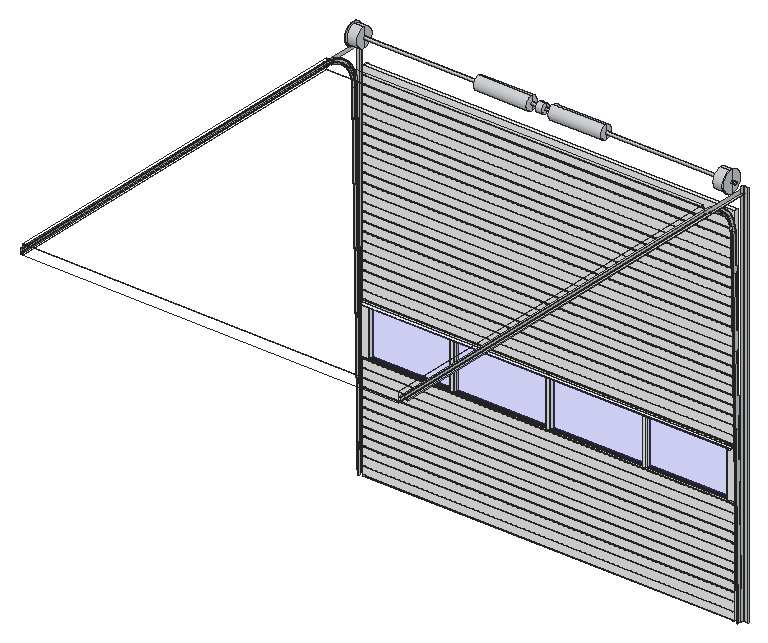
Revit family
Parameters (values of type "By Type")
  Windload = "Doors available rated for various design pressures; consult Clopay for avaialbility and specifications"
  VisSection6 = NumSections = 6  # no
  VisSection5 = NumSections > 4  # yes
  VisSection4 = NumSections > 3  # yes
  VisSection3 = NumSections > 2  # yes
  VisArray = NumSections > 6  # yes
  URL = "www.clopaydoor.com"
  Track Type = Track - Standard Lift : 15" Radius
  Track = "Galvanized steel (gauge varies according to door size)"
  Thickness = 0' - 2"  # constant formula
  Spec Wizard = "http://www.arcat.com/specwizard/08360clo/index.htm"
  Section Height = Height / NumSections  # 2' - 0"
  Section 5 Glazing = Section : Solid
  Section 4 Glazing = Section : Solid
  Section 3 Glazing = Full Vision Section : Intermediate
  Sales Information = "http://www.clopaydoor.com/where-to-buy.aspx?type=dealer"
  Rough Width = 0' - 0"  # constant formula
  Rough Height = 0' - 0"  # constant formula
  Roof Pitch = 0
  R-Value = "15.05"
  Product Features and Benefits = "http://www.clopaydoor.com/insulated-polyurethane-applications.aspx"
  Overlapping Jamb = yes
  Overlap = if(Overlapping Jamb, 0' 1", 0' 0")  # 0' - 1"
  Opening Width = 14' - 0"
  Opening Height = 14' - 0"
  Opener - Jackshaft Right Side = no
  Opener - Trolley = no
  Opener - Jackshaft Left Side = no
  Omniclass Table = "23-30 10 17 37 "
  NumSectionsNotRounded = Height / 2' 0"  # 7
  NumSections = NumSectionsNotRounded + 0.4999  # 7
  NumArraySections = if(NumSections > 6, NumSections - 5, 2)  # 2
  Model = "3717"
  Maximum Size = "Maximum 32' 2'' wide by 26' 0'' high. Additional limitations may apply do to door weight. Consult Clopay for specificiations and shop drawings."  # constant formula
  Manufacturer Website = "http://www.clopaydoor.com"
  Manufacturer Phone Number = "1-800-526-4301"
  Manufacturer Address = "1400 W. Market St., Troy, OH 45373"
  Manufacturer = "Clopay Building Products Company"
  LEED = "http://products.construction.com/swts_content_files/151607/303186.pdf"
  Keynote = "08 36 13"
  Interior Steel = "28 ga. galvanized, primed, and finish painted"
  High Lift = 4' - 0"
  Hardware = "14 ga. min. steel hinges; 10-ball steel rollers"
  GreenFormat = "http://www.greenformat.com/products/1536-Polyurethane%20Insulated%20Doors.rtf"
  Function = (empty or 0)
  Height = Opening Height + Rough Width * 0  # 14' - 0"
  Wall Closure = (empty or 0)
  Width = Opening Width + Rough Width * 0  # 14' - 0"
  FloorToSection7 = 6 * Section Height  # 12' - 0"
  FloorToSection6 = 5 * Section Height  # 10' - 0"
  FloorToSection5 = 4 * Section Height  # 8' - 0"
  FloorToSection4 = 3 * Section Height  # 6' - 0"
  FloorToSection3 = 2 * Section Height  # 4' - 0"
  FloorToSection2 = Section Height  # 2' - 0"
  File Revision = "02 (August, 2012)"
  Exterior Steel = "27 ga. galvanized, primed, and finish painted"
  Double Torsion Shaft = no
  Double End Stiles = Door Width > 14' 2"  # no
  Door Width = Opening Width + Overlap * 2  # 14' - 2"
  Door Height = Opening Height + Rough Width * 0  # 14' - 0"
  Description = "1-3/4'' thick polyurethane insulated, stucco embossed 27 gauge steel exterior with light ribbed pattern."
  Core Material = "Expanded polyurethane"
  Copyright = "2010, Clopay Building Products Company, Inc."
  Color = White
  CAD and Specifications = "http://www.clopaydoor.com/insulated-polyurethane-specs.aspx"
  Assembly Code = "B2030410"
Reference planes (in)
  plane 1 "Center (Front/Back)": y = 0
  plane 2 "Center (Left/Right)": x = 0
  plane 3 "Left": x = -84
  plane 4 "Right": x = 84
  plane 5 "Top": z = 168
  plane 6 "Exterior": y = 3
  plane 7 "Interior": y = -3
  plane 8: z = 120
  plane 9: z = 144
Lines and regions (in)
  Opening 1
    outline origin (-90, -3, 0) x (1, 0, 0) y (0, 0, 1)
      loop
        line (6, 0) -> (174, 0) -> (174, 168) -> (6, 168) -> (6, 0)
Text (in)
  text "Exterior" at (-74.96733, 27.31104, 0), in view "Ref. Level"
  text "Interior" at (-74.96733, -25.14366, 0), in view "Ref. Level"
  text "Exterior" at (0, 40.15149, 123.01588), in view "Right"
  text "Interior" at (0, -64.39139, 123.01588), in view "Right"
  text "Interior" at (0, -31.01599, 123.00693), in view "Left"
  text "Exterior" at (0, 54.57065, 123.00693), in view "Left"
Dimensions and locks (in)
  equal spacing: plane 3 "Left", plane 2 "Center (Left/Right)", plane 4 "Right"
  "Height": level to plane 5 "Top"
  "Width": plane 3 "Left" to plane 4 "Right"
  host wall to plane 5 "Top" = 14' - 0"
  nested 1 to plane 7 "Interior" = 0' - 0 1/2"
  "FloorToSection6": plane 8 to level
  "FloorToSection7": plane 9 to level
  group 1 to group 2 = 0' - 0"  (x2)
  group 1 to group 2 = 2' - 0"
  host wall to host wall = 67' - 6"
  aligned and locked: plane 3 "Left" to Opening 1 sketch curve
  aligned and locked: plane 5 "Top" to Opening 1 sketch curve
  aligned and locked: Opening 1 sketch curve to plane 5 "Top"
  aligned and locked: Opening 1 sketch curve to plane 4 "Right"
  aligned and locked: Opening 1 sketch curve to level
  aligned and locked: plane 6 "Exterior" to host wall
  aligned and locked: host wall to plane 7 "Interior"
  aligned and locked: plane 2 "Center (Left/Right)" to nested 2
  aligned and locked: plane 2 "Center (Left/Right)" to nested 3
  aligned and locked: plane 2 "Center (Left/Right)" to nested 4
  aligned and locked: plane 2 "Center (Left/Right)" to nested 5
  aligned and locked: plane 2 "Center (Left/Right)" to nested 7
  aligned and locked: nested 7 to plane 8
  aligned and locked: nested 8 to plane 9
  aligned and locked: plane 7 "Interior" to nested 2
  aligned and locked: plane 7 "Interior" to nested 7
  aligned and locked: host wall to nested 8
  aligned and locked: plane 7 "Interior" to nested 3
  aligned and locked: host wall to nested 3
  aligned and locked: plane 7 "Interior" to nested 1
  aligned and locked: nested 2 to host wall
  aligned and locked: plane 7 "Interior" to nested 6
  aligned and locked: plane 7 "Interior" to nested 5
  aligned and locked: host wall to nested 7
  aligned and locked: plane 7 "Interior" to nested 4
  aligned and locked: nested 11 to plane 2 "Center (Left/Right)"
Nested families (in)
  nested 1: "Section" at (0, 0, 0), type "Solid"
    with X9 0' - 7 1/2", X8 0' - 7 1/2", X7 0' - 7 1/2", X6 0' - 7 1/2", X5 0' - 7 1/2", X4 11' - 7 1/2", X3 7' - 11 1/2", X2 4' - 3 1/2", NumWindows 4, NumArrayedWindows 4, Half Door Width Neg -7' - 1", Half Door Width 7' - 1", X1 0' - 7 1/2", Door Width 14' - 2"
  nested 2: "Section" at (0, 0, 24), built-in parameter 1001364 <- "Section Height", type "Solid"
    with X9 0' - 7 1/2", X8 0' - 7 1/2", X7 0' - 7 1/2", X6 0' - 7 1/2", X5 0' - 7 1/2", X4 11' - 7 1/2", X3 7' - 11 1/2", X2 4' - 3 1/2", NumWindows 4, NumArrayedWindows 4, Half Door Width Neg -7' - 1", Half Door Width 7' - 1", X1 0' - 7 1/2", Door Width 14' - 2"
  nested 3: "Full Vision Section" at (0, 0, 48), type <- "Section 3 Glazing", built-in parameter 1001364 <- "FloorToSection3", visible <- "VisSection3", type "Intermediate"
    with SingleStileVis no, Rail Width 14' - 1 13/16", NumIntStiles 3, Half Rail Width 7' - 0 29/32", Half Door Width 7' - 1", Glass Width 14' - 0 13/16", Edge to 1st Int Stile 3' - 5", Door Width 14' - 2", ArrayStileVis yes, ArrayIntStiles 3
  nested 4: "Section" at (0, 0, 120), built-in parameter 1001364 <- "FloorToSection6", visible <- "VisSection6", type "Solid"
    with X9 0' - 7 1/2", X8 0' - 7 1/2", X7 0' - 7 1/2", X6 0' - 7 1/2", X5 0' - 7 1/2", X4 11' - 7 1/2", X3 7' - 11 1/2", X2 4' - 3 1/2", NumWindows 4, NumArrayedWindows 4, Half Door Width Neg -7' - 1", Half Door Width 7' - 1", X1 0' - 7 1/2", Door Width 14' - 2"
  nested 5: "Section" at (0, 0, 96), built-in parameter 1001364 <- "FloorToSection5", type <- "Section 5 Glazing", visible <- "VisSection5", type "Solid"
    with X9 0' - 7 1/2", X8 0' - 7 1/2", X7 0' - 7 1/2", X6 0' - 7 1/2", X5 0' - 7 1/2", X4 11' - 7 1/2", X3 7' - 11 1/2", X2 4' - 3 1/2", NumWindows 4, NumArrayedWindows 4, Half Door Width Neg -7' - 1", Half Door Width 7' - 1", X1 0' - 7 1/2", Door Width 14' - 2"
  nested 6: "Section" at (0, 0, 72), type <- "Section 4 Glazing", built-in parameter 1001364 <- "FloorToSection4", visible <- "VisSection4", type "Solid"
    with X9 0' - 7 1/2", X8 0' - 7 1/2", X7 0' - 7 1/2", X6 0' - 7 1/2", X5 0' - 7 1/2", X4 11' - 7 1/2", X3 7' - 11 1/2", X2 4' - 3 1/2", NumWindows 4, NumArrayedWindows 4, Half Door Width Neg -7' - 1", Half Door Width 7' - 1", X1 0' - 7 1/2", Door Width 14' - 2"
  nested 7: "Section" at (0, 0, 120), visible <- "VisArray", type "Solid"
    with X9 0' - 7 1/2", X8 0' - 7 1/2", X7 0' - 7 1/2", X6 0' - 7 1/2", X5 0' - 7 1/2", X4 11' - 7 1/2", X3 7' - 11 1/2", X2 4' - 3 1/2", NumWindows 4, NumArrayedWindows 4, Half Door Width Neg -7' - 1", Half Door Width 7' - 1", X1 0' - 7 1/2", Door Width 14' - 2"
  nested 8: "Section" at (0, 0, 144), visible <- "VisArray", type "Solid"
    with X9 0' - 7 1/2", X8 0' - 7 1/2", X7 0' - 7 1/2", X6 0' - 7 1/2", X5 0' - 7 1/2", X4 11' - 7 1/2", X3 7' - 11 1/2", X2 4' - 3 1/2", NumWindows 4, NumArrayedWindows 4, Half Door Width Neg -7' - 1", Half Door Width 7' - 1", X1 0' - 7 1/2", Door Width 14' - 2"
  nested 9: "Section" at (0, 4.67704, 636.93806), type "Windows - 24x8", not visible
    with X9 0' - 7 1/2", X8 0' - 7 1/2", X7 0' - 7 1/2", X6 0' - 7 1/2", X5 0' - 7 1/2", X4 11' - 7 1/2", X3 7' - 11 1/2", X2 4' - 3 1/2", NumWindows 4, NumArrayedWindows 4, Half Door Width Neg -7' - 1", Half Door Width 7' - 1", X1 0' - 7 1/2", Door Width 14' - 2"
  nested 10: "Section" at (0, 4.63986, 609.3176), type "Windows - 24x12", not visible
    with X9 0' - 7 1/2", X8 0' - 7 1/2", X7 0' - 7 1/2", X6 0' - 7 1/2", X5 0' - 7 1/2", X4 11' - 7 1/2", X3 7' - 11 1/2", X2 4' - 3 1/2", WindowSpacing 3' - 8", NumWindows 4, NumArrayedWindows 4, Half Door Width Neg -7' - 1", Half Door Width 7' - 1", X1 0' - 7 1/2", Door Width 14' - 2"
  nested 11: "Track - Standard Lift" at (0, 0, 0) x (-1, 0, 0) z (0, 0, 1), type <- "Track Type", type "15" Radius"
    with WallToRadiusCenter 1' - 9.33333", VerticalAngleLength 14' - 10", Vertical Track Length 13' - 4", TrackToTrack 14' - 4", Roof Pitch Deg 0.00°, Roof Pitch 0, HorizontalAngleLength -16' - 2.33333", Horizontal Track Length 14' - 6", FloorToTrolleyRail 15' - 8", FloorToShaftCL 15' - 2", FloorToJackShaft 15' - 5", Double Torsion Shaft no, Door Width 14' - 2", Door Height 14' - 0", CenterToLHTrack 7' - 2", HorizontalTrackAngle 90.00°, CenterToRHTrack -7' - 2", CenterToJackShaft 7' - 6"
Definition of nested family "Section"
  Parameters (values of type "Windows - 24x12")
    X9 = if(if(NumArrayedWindows < NumWindows, NumArrayedWindows + 1, NumWindows) < 9, X1, X8 + WindowSpacing)  # 0' - 4 1/2"
    X8 = if(if(NumArrayedWindows < NumWindows, NumArrayedWindows + 1, NumWindows) < 8, X1, X7 + WindowSpacing)  # 0' - 4 1/2"
    X7 = if(if(NumArrayedWindows < NumWindows, NumArrayedWindows + 1, NumWindows) < 7, X1, X6 + WindowSpacing)  # 0' - 4 1/2"
    X6 = if(if(NumArrayedWindows < NumWindows, NumArrayedWindows + 1, NumWindows) < 6, X1, X5 + WindowSpacing)  # 0' - 4 1/2"
    X5 = if(if(NumArrayedWindows < NumWindows, NumArrayedWindows + 1, NumWindows) < 5, X1, X4 + WindowSpacing)  # 0' - 4 1/2"
    X4 = if(if(NumArrayedWindows < NumWindows, NumArrayedWindows + 1, NumWindows) < 4, X1, X3 + WindowSpacing)  # 0' - 4 1/2"
    X3 = if(NumWindows < 3, X1, X2 + WindowSpacing)  # 7' - 0 1/2"
    X2 = if(NumWindows < 2, ((Door Width - (NumWindows - 1) * WindowSpacing) / 2 - Cutout Width / 2), ((Door Width - (NumWindows - 1) * WindowSpacing) / 2 - Cutout Width / 2) + WindowSpacing)  # 3' - 8 1/2"
    Windows = 37xx Window Array : 24x12
    WindowVis = yes
    WindowSpacing = if(and(Door Width < 10' 0", Door Width > 9' 2"), 3' 4", 3' 8")  # 3' - 4"
    WindowCutDepth = 0' - 2"
    Section Height = 2' - 0"
    RibSpacing = Section Height / (NumRibs + 1)  # 0' - 4"
    NumWindows = if(Door Width < 9' 4", 2, if(Door Width < 13' 4", 3, if(Door Width < 16' 4", 4, if(Door Width < 20' 4", 5, if(Door Width < 24' 4", 6, if(Door Width < 26' 4", 7, if(Door Width < 31' 8", 8, 10)))))))  # 3
    NumRibs = if(Section Height < 1' 9", 3, if(Section Height < 2' 0", 4, 5))  # 5
    NumArrayedWindows = if(X2 = X1, NumWindows - 2, NumWindows)  # 3
    Half Section Height = Section Height / 2  # 1' - 0"
    Half Door Width Neg = -Half Door Width  # -4' - 8"
    Half Door Width = Door Width / 2  # 4' - 8"
    Half Cutout Height = Cutout Height / 2  # 0' - 5 1/2"
    Function = (empty or 0)
    Height = 0' - 0"
    Wall Closure = (empty or 0)
    Width = 0' - 0"
    X1 = if(or(Door Width > 31' 6", and(Door Width > 26' 2", Door Width < 28' 1"), Door Width = 24' 3", Door Width = 24' 4", and(Door Width > 20' 2", Door Width < 20' 11"), and(Door Width > 16' 2", Door Width < 17' 3")), X2, (Door Width - (NumWindows - 1) * WindowSpacing) / 2 - Cutout Width / 2)  # 0' - 4 1/2"
    Door Width = 9' - 4"
    CutoutToCutout = 1' - 0"
    Cutout Width = 1' - 11"
    Cutout Height = 0' - 11"
    Color = White
    BtmTo1stRib = RibSpacing  # 0' - 4"
    Assembly Code = ""
  Types (3): name | X7 | X6 | X5 | X4 | X3 | X2 | Windows | WindowVis | WindowSpacing | WindowCutDepth | NumWindows | NumArrayedWindows | Half Door Width Neg | Half Door Width | Half Cutout Height | Door Width | Cutout Height
    Windows - 24x12 | 0' - 4 1/2" | 0' - 4 1/2" | 0' - 4 1/2" | 0' - 4 1/2" | 7' - 0 1/2" | 3' - 8 1/2" | 37xx Window Array : 24x12 | yes | 3' - 4" | 0' - 2" | 3 | 3 | -4' - 8" | 4' - 8" | 0' - 5 1/2" | 9' - 4" | 0' - 11"
    Windows - 24x8 | 22' - 4 1/2" | 18' - 8 1/2" | 15' - 0 1/2" | 11' - 4 1/2" | 7' - 8 1/2" | 4' - 0 1/2" | 37xx Window Array : 24x8 | yes | 3' - 8" | 0' - 2" | 7 | 7 | -12' - 4" | 12' - 4" | 0' - 3 1/2" | 24' - 8" | 0' - 7"
    Solid | 22' - 4 1/2" | 18' - 8 1/2" | 15' - 0 1/2" | 11' - 4 1/2" | 7' - 8 1/2" | 4' - 0 1/2" | 37xx Window Array : 24x8 | no | 3' - 8" | -0' - 0 13/128" | 7 | 7 | -12' - 4" | 12' - 4" | 0' - 3 1/2" | 24' - 8" | 0' - 7"
  Reference planes (in)
    plane 1 "Center (Front/Back)": y = 0
    plane 2 "Center (Left/Right)": x = 0
    plane 3 "Exterior": y = 3
    plane 4 "Interior": y = -3
    plane 5: y = -3.5
    plane 6: x = 56
    plane 7: x = -56
    plane 8: z = 4
    plane 9: z = 8
    plane 10: z = 24
    plane 11: z = 12
    plane 12: z = 0
  Forms (in)
    Extrusion 1, solid, material "White" <- "Color"
      sketch origin (-56, -12, 83.08252) x (0, 0, 1) y (0, -1, 0)
        loop
          line (-59.08252, -8.37573) -> (-59.08252, -6.62444)
          arc (-59.08252, -6.62444) -> (-59.11897, -6.53645) -> (-59.20696, -6.5) r 0.12444
          line (-59.20696, -6.5) -> (-82.95809, -6.5)
          arc (-82.95809, -6.5) -> (-83.04608, -6.53645) -> (-83.08252, -6.62444) r 0.12444
          line (-83.08252, -6.62444) -> (-83.08252, -8.37573)
          arc (-83.08252, -8.37573) -> (-83.04612, -8.4636) -> (-82.95825, -8.5) r 0.12427
          line (-82.95825, -8.5) -> (-59.20679, -8.5)
          arc (-59.20679, -8.5) -> (-59.11892, -8.4636) -> (-59.08252, -8.37573) r 0.12427
      from 0 to 112 <- "Door Width"
    Extrusion 2, void
      sketch origin (0, 0, -0.5) x (0, -1, 0) y (0, 0, 1)
        loop
          line (3.5, 4.62727) -> (3.5, 4.37273) -> (3.53032, 4.41942)
          arc (3.53032, 4.41942) -> (3.53753, 4.43506) -> (3.54, 4.4521) r 0.06
          line (3.54, 4.4521) -> (3.54, 4.5479)
          arc (3.54, 4.5479) -> (3.53753, 4.56494) -> (3.53032, 4.58058) r 0.06
          line (3.53032, 4.58058) -> (3.5, 4.62727)
      from -56 <- "Half Door Width Neg" to 112 <- "Door Width"
    Extrusion 3, void
      sketch origin (0, 0, 3.5) x (0, -1, 0) y (0, 0, 1)
        loop
          line (3.5, 4.62727) -> (3.5, 4.37273) -> (3.53032, 4.41942)
          arc (3.53032, 4.41942) -> (3.53753, 4.43506) -> (3.54, 4.4521) r 0.06
          line (3.54, 4.4521) -> (3.54, 4.5479)
          arc (3.54, 4.5479) -> (3.53753, 4.56494) -> (3.53032, 4.58058) r 0.06
          line (3.53032, 4.58058) -> (3.5, 4.62727)
      from -56 <- "Half Door Width Neg" to 112 <- "Door Width"
    Extrusion 4, void
      sketch origin (0, 0, 7.5) x (0, -1, 0) y (0, 0, 1)
        loop
          line (3.5, 4.62727) -> (3.5, 4.37273) -> (3.53032, 4.41942)
          arc (3.53032, 4.41942) -> (3.53753, 4.43506) -> (3.54, 4.4521) r 0.06
          line (3.54, 4.4521) -> (3.54, 4.5479)
          arc (3.54, 4.5479) -> (3.53753, 4.56494) -> (3.53032, 4.58058) r 0.06
          line (3.53032, 4.58058) -> (3.5, 4.62727)
      from -56 <- "Half Door Width Neg" to 112 <- "Door Width"
    Extrusion 5, void
      sketch origin (0, -8.99984, -0.5) x (0, 1, 0) y (0, 0, -1)
        loop
          line (3.5, -4.62727) -> (3.53032, -4.58058)
          arc (3.53032, -4.58058) -> (3.53753, -4.56494) -> (3.54, -4.5479) r 0.06
          line (3.54, -4.5479) -> (3.54, -4.4521)
          arc (3.54, -4.4521) -> (3.53753, -4.43506) -> (3.53032, -4.41942) r 0.06
          line (3.53032, -4.41942) -> (3.5, -4.37273) -> (3.5, -4.62727)
      from -56 <- "Half Door Width Neg" to 112 <- "Door Width"
    Extrusion 6, void
      sketch origin (0, -8.99984, 3.5) x (0, 1, 0) y (0, 0, -1)
        loop
          line (3.5, -4.62727) -> (3.53032, -4.58058)
          arc (3.53032, -4.58058) -> (3.53753, -4.56494) -> (3.54, -4.5479) r 0.06
          line (3.54, -4.5479) -> (3.54, -4.4521)
          arc (3.54, -4.4521) -> (3.53753, -4.43506) -> (3.53032, -4.41942) r 0.06
          line (3.53032, -4.41942) -> (3.5, -4.37273) -> (3.5, -4.62727)
      from -56 <- "Half Door Width Neg" to 112 <- "Door Width"
    Extrusion 7, void
      sketch origin (0, -8.99984, 7.5) x (0, 1, 0) y (0, 0, -1)
        loop
          line (3.5, -4.62727) -> (3.53032, -4.58058)
          arc (3.53032, -4.58058) -> (3.53753, -4.56494) -> (3.54, -4.5479) r 0.06
          line (3.54, -4.5479) -> (3.54, -4.4521)
          arc (3.54, -4.4521) -> (3.53753, -4.43506) -> (3.53032, -4.41942) r 0.06
          line (3.53032, -4.41942) -> (3.5, -4.37273) -> (3.5, -4.62727)
      from -56 <- "Half Door Width Neg" to 112 <- "Door Width"
    Extrusion 8, void
      sketch origin (-98.15385, -3.5, 48) x (1, 0, 0) y (0, 0, 1)
        loop
          line (149.65385, -30.5) -> (126.65385, -30.5) -> (126.65385, -36) -> (149.65385, -36) -> (149.65385, -30.5)
      from 0 to 2 <- "WindowCutDepth"
    Extrusion 9, void
      sketch origin (-98.15385, -3.5, -24) x (1, 0, 0) y (0, 0, 1)
        loop
          line (149.65385, 30.5) -> (149.65385, 36) -> (126.65385, 36) -> (126.65385, 30.5) -> (149.65385, 30.5)
      from 0 to 2 <- "WindowCutDepth"
    Extrusion 10, void
      sketch origin (-136.15385, -3.5, 48) x (1, 0, 0) y (0, 0, 1)
        loop
          line (147.65385, -30.5) -> (124.65385, -30.5) -> (124.65385, -36) -> (147.65385, -36) -> (147.65385, -30.5)
      from 0 to 2 <- "WindowCutDepth"
    Extrusion 11, void
      sketch origin (-136.15385, -3.5, -24) x (1, 0, 0) y (0, 0, 1)
        loop
          line (147.65385, 30.5) -> (147.65385, 36) -> (124.65385, 36) -> (124.65385, 30.5) -> (147.65385, 30.5)
      from 0 to 2 <- "WindowCutDepth"
    Extrusion 12, void
      sketch origin (-171.15385, -3.5, 48) x (1, 0, 0) y (0, 0, 1)
        loop
          line (142.65385, -30.5) -> (119.65385, -30.5) -> (119.65385, -36) -> (142.65385, -36) -> (142.65385, -30.5)
      from 0 to 2 <- "WindowCutDepth"
    Extrusion 13, void
      sketch origin (-171.15385, -3.5, -24) x (1, 0, 0) y (0, 0, 1)
        loop
          line (142.65385, 30.5) -> (142.65385, 36) -> (119.65385, 36) -> (119.65385, 30.5) -> (142.65385, 30.5)
      from 0 to 2 <- "WindowCutDepth"
    Extrusion 14, void
      sketch origin (-214.15385, -3.5, 48) x (1, 0, 0) y (0, 0, 1)
        loop
          line (265.65385, -30.5) -> (242.65385, -30.5) -> (242.65385, -36) -> (265.65385, -36) -> (265.65385, -30.5)
      from 0 to 2 <- "WindowCutDepth"
    Extrusion 15, void
      sketch origin (-214.15385, -3.5, -24) x (1, 0, 0) y (0, 0, 1)
        loop
          line (265.65385, 30.5) -> (265.65385, 36) -> (242.65385, 36) -> (242.65385, 30.5) -> (265.65385, 30.5)
      from 0 to 2 <- "WindowCutDepth"
    Extrusion 16, void
      sketch origin (-256.15385, -3.5, 48) x (1, 0, 0) y (0, 0, 1)
        loop
          line (307.65385, -30.5) -> (284.65385, -30.5) -> (284.65385, -36) -> (307.65385, -36) -> (307.65385, -30.5)
      from 0 to 2 <- "WindowCutDepth"
    Extrusion 17, void
      sketch origin (-256.15385, -3.5, -24) x (1, 0, 0) y (0, 0, 1)
        loop
          line (307.65385, 30.5) -> (307.65385, 36) -> (284.65385, 36) -> (284.65385, 30.5) -> (307.65385, 30.5)
      from 0 to 2 <- "WindowCutDepth"
    Extrusion 18, void
      sketch origin (-294.15385, -3.5, 48) x (1, 0, 0) y (0, 0, 1)
        loop
          line (345.65385, -30.5) -> (322.65385, -30.5) -> (322.65385, -36) -> (345.65385, -36) -> (345.65385, -30.5)
      from 0 to 2 <- "WindowCutDepth"
    Extrusion 19, void
      sketch origin (-294.15385, -3.5, -24) x (1, 0, 0) y (0, 0, 1)
        loop
          line (345.65385, 30.5) -> (345.65385, 36) -> (322.65385, 36) -> (322.65385, 30.5) -> (345.65385, 30.5)
      from 0 to 2 <- "WindowCutDepth"
    Extrusion 20, void
      sketch origin (-331.15385, -3.5, 48) x (1, 0, 0) y (0, 0, 1)
        loop
          line (382.65385, -30.5) -> (359.65385, -30.5) -> (359.65385, -36) -> (382.65385, -36) -> (382.65385, -30.5)
      from 0 to 2 <- "WindowCutDepth"
    Extrusion 21, void
      sketch origin (-331.15385, -3.5, -24) x (1, 0, 0) y (0, 0, 1)
        loop
          line (382.65385, 30.5) -> (382.65385, 36) -> (359.65385, 36) -> (359.65385, 30.5) -> (382.65385, 30.5)
      from 0 to 2 <- "WindowCutDepth"
    Extrusion 22, void
      sketch origin (-368.15385, -3.5, 48) x (1, 0, 0) y (0, 0, 1)
        loop
          line (419.65385, -30.5) -> (396.65385, -30.5) -> (396.65385, -36) -> (419.65385, -36) -> (419.65385, -30.5)
      from 0 to 2 <- "WindowCutDepth"
    Extrusion 23, void
      sketch origin (-368.15385, -3.5, -24) x (1, 0, 0) y (0, 0, 1)
        loop
          line (419.65385, 30.5) -> (419.65385, 36) -> (396.65385, 36) -> (396.65385, 30.5) -> (419.65385, 30.5)
      from 0 to 2 <- "WindowCutDepth"
    Extrusion 24, void
      sketch origin (-407.15385, -3.5, 48) x (1, 0, 0) y (0, 0, 1)
        loop
          line (458.65385, -30.5) -> (435.65385, -30.5) -> (435.65385, -36) -> (458.65385, -36) -> (458.65385, -30.5)
      from 0 to 2 <- "WindowCutDepth"
    Extrusion 25, void
      sketch origin (-407.15385, -3.5, -24) x (1, 0, 0) y (0, 0, 1)
        loop
          line (458.65385, 30.5) -> (458.65385, 36) -> (435.65385, 36) -> (435.65385, 30.5) -> (458.65385, 30.5)
      from 0 to 2 <- "WindowCutDepth"
    Extrusion 26, void
      sketch origin (0, 0, 11.5) x (0, -1, 0) y (0, 0, 1)
        loop
          line (3.5, 4.62727) -> (3.5, 4.37273) -> (3.53032, 4.41942)
          arc (3.53032, 4.41942) -> (3.53753, 4.43506) -> (3.54, 4.4521) r 0.06
          line (3.54, 4.4521) -> (3.54, 4.5479)
          arc (3.54, 4.5479) -> (3.53753, 4.56494) -> (3.53032, 4.58058) r 0.06
          line (3.53032, 4.58058) -> (3.5, 4.62727)
      from -56 <- "Half Door Width Neg" to 112 <- "Door Width"
    Extrusion 27, void
      sketch origin (0, -8.99984, 11.5) x (0, 1, 0) y (0, 0, -1)
        loop
          line (3.5, -4.62727) -> (3.53032, -4.58058)
          arc (3.53032, -4.58058) -> (3.53753, -4.56494) -> (3.54, -4.5479) r 0.06
          line (3.54, -4.5479) -> (3.54, -4.4521)
          arc (3.54, -4.4521) -> (3.53753, -4.43506) -> (3.53032, -4.41942) r 0.06
          line (3.53032, -4.41942) -> (3.5, -4.37273) -> (3.5, -4.62727)
      from -56 <- "Half Door Width Neg" to 112 <- "Door Width"
    Extrusion 28, void
      sketch origin (0, 0, 15.5) x (0, -1, 0) y (0, 0, 1)
        loop
          line (3.5, 4.62727) -> (3.5, 4.37273) -> (3.53032, 4.41942)
          arc (3.53032, 4.41942) -> (3.53753, 4.43506) -> (3.54, 4.4521) r 0.06
          line (3.54, 4.4521) -> (3.54, 4.5479)
          arc (3.54, 4.5479) -> (3.53753, 4.56494) -> (3.53032, 4.58058) r 0.06
          line (3.53032, 4.58058) -> (3.5, 4.62727)
      from -56 <- "Half Door Width Neg" to 112 <- "Door Width"
    Extrusion 29, void
      sketch origin (0, -8.99984, 15.5) x (0, 1, 0) y (0, 0, -1)
        loop
          line (3.5, -4.62727) -> (3.53032, -4.58058)
          arc (3.53032, -4.58058) -> (3.53753, -4.56494) -> (3.54, -4.5479) r 0.06
          line (3.54, -4.5479) -> (3.54, -4.4521)
          arc (3.54, -4.4521) -> (3.53753, -4.43506) -> (3.53032, -4.41942) r 0.06
          line (3.53032, -4.41942) -> (3.5, -4.37273) -> (3.5, -4.62727)
      from -56 <- "Half Door Width Neg" to 112 <- "Door Width"
  Cuts and joins
    Extrusion 2, Extrusion 3, Extrusion 4, Extrusion 5, Extrusion 6, Extrusion 7, Extrusion 8, Extrusion 9, Extrusion 10, Extrusion 11, Extrusion 12, Extrusion 13, Extrusion 14, Extrusion 15, Extrusion 16, Extrusion 17, Extrusion 18, Extrusion 19, Extrusion 20, Extrusion 21, Extrusion 22, Extrusion 23, Extrusion 24, Extrusion 25, Extrusion 26, Extrusion 27, Extrusion 28, Extrusion 29 cuts Extrusion 1
  Lines and regions (in)
    reference lines
      curve 1: line (-72, -3.54, 4) -> (-72, -3.5, 4)
      curve 2: line (-72, -5.45984, 4) -> (-72, -5.49984, 4)
      curve 3: line (-72, -3.54, 8) -> (-72, -3.5, 8)
      curve 4: line (-72, -3.54, 12) -> (-72, -3.5, 12)
      curve 5: line (-72, -5.45984, 4) -> (-72, -5.49984, 4)
      curve 6: line (-72, -5.45984, 8) -> (-72, -5.49984, 8)
      curve 7: line (-72, -5.45984, 12) -> (-72, -5.49984, 12)
      curve 8: line (-72, -3.54, 16) -> (-72, -3.5, 16)
      curve 9: line (-72, -5.45984, 16) -> (-72, -5.49984, 16)
      curve 10: line (-72, -3.54, 20) -> (-72, -3.5, 20)
      curve 11: line (-72, -5.45984, 20) -> (-72, -5.49984, 20)
  Text (in)
    text "Exterior" at (-74.96733, 27.31104, 0), in view "Ref. Level"
    text "Interior" at (-74.96733, -25.14366, 0), in view "Ref. Level"
    text "Exterior" at (0, 40.15149, 123.01588), in view "Right"
    text "Interior" at (0, -64.39139, 123.01588), in view "Right"
    text "Interior" at (0, -31.01599, 123.00693), in view "Left"
    text "Exterior" at (0, 54.57065, 123.00693), in view "Left"
  Dimensions and locks (in)
    plane 4 "Interior" to plane 5 = 0' - 0 1/2"
    "Half Door Width": plane 2 "Center (Left/Right)" to plane 7
    "Half Door Width": plane 6 to plane 2 "Center (Left/Right)"
    Extrusion 1 sketch curve to Extrusion 1 sketch curve = 0' - 2"
    Extrusion 2 sketch curve to Extrusion 2 sketch curve = 0' - 0.25454"
    Extrusion 2 sketch curve to Extrusion 2 sketch curve = 0' - 0.04"  (x2)
    "BtmTo1stRib": plane 8 to level
    curve 1 to Extrusion 2 sketch curve = 0' - 0.12727"
    "RibSpacing": plane 9 to plane 8
    "Section Height": plane 10 to level
    Extrusion 3 sketch curve to Extrusion 3 sketch curve = 0' - 0.25454"
    Extrusion 3 sketch curve to Extrusion 3 sketch curve = 0' - 0.04"  (x2)
    curve 3 to Extrusion 3 sketch curve = 0' - 0.12727"
    equal spacing: group 1, group 2, group 3, group 4, group 5  (x3)
    Extrusion 4 sketch curve to Extrusion 4 sketch curve = 0' - 0.25454"
    Extrusion 4 sketch curve to Extrusion 4 sketch curve = 0' - 0.04"  (x2)
    curve 4 to Extrusion 4 sketch curve = 0' - 0.12727"
    Extrusion 5 sketch curve to Extrusion 5 sketch curve = 0' - 0.25454"
    Extrusion 5 sketch curve to Extrusion 5 sketch curve = 0' - 0.04"  (x2)
    Extrusion 5 sketch curve to curve 5 = 0' - 0.12727"
    Extrusion 6 sketch curve to Extrusion 6 sketch curve = 0' - 0.25454"
    Extrusion 6 sketch curve to Extrusion 6 sketch curve = 0' - 0.04"  (x2)
    Extrusion 6 sketch curve to curve 6 = 0' - 0.12727"
    Extrusion 7 sketch curve to Extrusion 7 sketch curve = 0' - 0.25454"
    Extrusion 7 sketch curve to Extrusion 7 sketch curve = 0' - 0.04"  (x2)
    Extrusion 7 sketch curve to curve 7 = 0' - 0.12727"
    "Half Section Height": level to plane 11
    "Cutout Width": Extrusion 8 sketch curve to Extrusion 8 sketch curve
    "Half Cutout Height": Extrusion 8 sketch curve to Extrusion 8 sketch curve
    "Cutout Width": Extrusion 9 sketch curve to Extrusion 9 sketch curve
    "Half Cutout Height": Extrusion 9 sketch curve to Extrusion 9 sketch curve
    "X1": cut or joined group 1 (Extrusion 1, Extrusion 2, Extrusion 3, Extrusion 4, Extrusion 5, Extrusion 6, Extrusion 7, Extrusion 8, Extrusion 9, Extrusion 10, Extrusion 11, Extrusion 12, Extrusion 13, Extrusion 14, Extrusion 15, Extrusion 16, Extrusion 17, Extrusion 18, Extrusion 19, Extrusion 20, Extrusion 21, Extrusion 22, Extrusion 23, Extrusion 24, Extrusion 25, Extrusion 26, Extrusion 27, Extrusion 28, Extrusion 29) to cut or joined group 1
    "Cutout Width": Extrusion 10 sketch curve to Extrusion 10 sketch curve
    "Half Cutout Height": Extrusion 10 sketch curve to Extrusion 10 sketch curve
    "Cutout Width": Extrusion 11 sketch curve to Extrusion 11 sketch curve
    "Half Cutout Height": Extrusion 11 sketch curve to Extrusion 11 sketch curve
    "Cutout Width": Extrusion 12 sketch curve to Extrusion 12 sketch curve
    "Half Cutout Height": Extrusion 12 sketch curve to Extrusion 12 sketch curve
    "Cutout Width": Extrusion 13 sketch curve to Extrusion 13 sketch curve
    "Half Cutout Height": Extrusion 13 sketch curve to Extrusion 13 sketch curve
    "X2": plane 6 to cut or joined group 1
    "X3": plane 6 to cut or joined group 1
    "Cutout Width": Extrusion 14 sketch curve to Extrusion 14 sketch curve
    "Half Cutout Height": Extrusion 14 sketch curve to Extrusion 14 sketch curve
    "Cutout Width": Extrusion 15 sketch curve to Extrusion 15 sketch curve
    "Half Cutout Height": Extrusion 15 sketch curve to Extrusion 15 sketch curve
    "Cutout Width": Extrusion 16 sketch curve to Extrusion 16 sketch curve
    "Half Cutout Height": Extrusion 16 sketch curve to Extrusion 16 sketch curve
    "Cutout Width": Extrusion 17 sketch curve to Extrusion 17 sketch curve
    "Half Cutout Height": Extrusion 17 sketch curve to Extrusion 17 sketch curve
    "Cutout Width": Extrusion 18 sketch curve to Extrusion 18 sketch curve
    "Half Cutout Height": Extrusion 18 sketch curve to Extrusion 18 sketch curve
    "Cutout Width": Extrusion 19 sketch curve to Extrusion 19 sketch curve
    "Half Cutout Height": Extrusion 19 sketch curve to Extrusion 19 sketch curve
    "Cutout Width": Extrusion 20 sketch curve to Extrusion 20 sketch curve
    "Half Cutout Height": Extrusion 20 sketch curve to Extrusion 20 sketch curve
    "Cutout Width": Extrusion 21 sketch curve to Extrusion 21 sketch curve
    "Half Cutout Height": Extrusion 21 sketch curve to Extrusion 21 sketch curve
    "Cutout Width": Extrusion 22 sketch curve to Extrusion 22 sketch curve
    "Half Cutout Height": Extrusion 22 sketch curve to Extrusion 22 sketch curve
    "Cutout Width": Extrusion 23 sketch curve to Extrusion 23 sketch curve
    "Half Cutout Height": Extrusion 23 sketch curve to Extrusion 23 sketch curve
    "Cutout Width": Extrusion 24 sketch curve to Extrusion 24 sketch curve
    "Half Cutout Height": Extrusion 24 sketch curve to Extrusion 24 sketch curve
    "Cutout Width": Extrusion 25 sketch curve to Extrusion 25 sketch curve
    "Half Cutout Height": Extrusion 25 sketch curve to Extrusion 25 sketch curve
    "X4": plane 6 to cut or joined group 1
    "X5": plane 6 to cut or joined group 1
    "X6": plane 6 to cut or joined group 1
    "X7": plane 6 to cut or joined group 1
    "X8": plane 6 to cut or joined group 1
    "X9": plane 6 to cut or joined group 1
    locked: nested 1 to cut or joined group 1 at 1  (x2)
    locked: nested 1 to cut or joined group 1 at 0.125
    Extrusion 26 sketch curve to Extrusion 26 sketch curve = 0' - 0.25454"
    Extrusion 26 sketch curve to Extrusion 26 sketch curve = 0' - 0.04"  (x2)
    curve 8 to Extrusion 26 sketch curve = 0' - 0.12727"
    Extrusion 27 sketch curve to Extrusion 27 sketch curve = 0' - 0.25454"
    Extrusion 27 sketch curve to Extrusion 27 sketch curve = 0' - 0.04"  (x2)
    Extrusion 27 sketch curve to curve 9 = 0' - 0.12727"
    Extrusion 28 sketch curve to Extrusion 28 sketch curve = 0' - 0.25454"
    Extrusion 28 sketch curve to Extrusion 28 sketch curve = 0' - 0.04"  (x2)
    curve 10 to Extrusion 28 sketch curve = 0' - 0.12727"
    Extrusion 29 sketch curve to Extrusion 29 sketch curve = 0' - 0.25454"
    Extrusion 29 sketch curve to Extrusion 29 sketch curve = 0' - 0.04"  (x2)
    Extrusion 29 sketch curve to curve 11 = 0' - 0.12727"
    locked: plane 4 "Interior" to cut or joined group 1 at 0.5
    radius of Extrusion 1 sketch curve = 0' - 0.12427"  (x2)
    radius of Extrusion 1 sketch curve = 0' - 0.12444"  (x2)
    angle Extrusion 2 sketch curve to Extrusion 2 sketch curve = 147.00°  (x2)
    angle Extrusion 3 sketch curve to Extrusion 3 sketch curve = 147.00°  (x2)
    angle Extrusion 4 sketch curve to Extrusion 4 sketch curve = 147.00°  (x2)
    angle Extrusion 5 sketch curve to Extrusion 5 sketch curve = 147.00°  (x2)
    angle Extrusion 6 sketch curve to Extrusion 6 sketch curve = 147.00°  (x2)
    angle Extrusion 7 sketch curve to Extrusion 7 sketch curve = 147.00°  (x2)
    angle Extrusion 26 sketch curve to Extrusion 26 sketch curve = 147.00°  (x2)
    angle Extrusion 27 sketch curve to Extrusion 27 sketch curve = 147.00°  (x2)
    angle Extrusion 28 sketch curve to Extrusion 28 sketch curve = 147.00°  (x2)
    angle Extrusion 29 sketch curve to Extrusion 29 sketch curve = 147.00°  (x2)
    aligned and locked: Extrusion 1 sketch curve to plane 5
    aligned and locked: plane 8 to curve 1
    aligned and locked: plane 9 to curve 3
    aligned and locked: Extrusion 8 sketch curve to plane 11
    aligned and locked: plane 11 to Extrusion 9 sketch curve
    aligned and locked: cut or joined group 1 to cut or joined group 1  (x9)
    aligned and locked: plane 12 to level
  Automatic sketch dimensions
    curve 2 to curve 1 = 0' - 1.91984"
    curve 1 to curve 1 = 0' - 0.04"  (x2)
    curve 1 to curve 2 = 0' - 1.91984"
    curve 2 to curve 2 = 0' - 0.04"  (x2)
    Extrusion 2 sketch curve to Extrusion 2 sketch curve = 0' - 0"
    Extrusion 2 sketch curve to Extrusion 2 sketch curve = 0' - 0.02"
    Extrusion 2 sketch curve to Extrusion 2 sketch curve = 0' - 0.00968"  (x2)
    curve 5 to curve 1 = 0' - 0"
    curve 1 to curve 5 = 0' - 1.91984"
    curve 5 to curve 5 = 0' - 0.04"
    Extrusion 5 sketch curve to Extrusion 5 sketch curve = 0' - 0"
    Extrusion 5 sketch curve to Extrusion 5 sketch curve = 0' - 0.02"
    Extrusion 5 sketch curve to Extrusion 5 sketch curve = 0' - 0.00968"  (x2)
    Extrusion 3 sketch curve to Extrusion 3 sketch curve = 0' - 0"
    Extrusion 3 sketch curve to Extrusion 3 sketch curve = 0' - 0.02"
    Extrusion 3 sketch curve to Extrusion 3 sketch curve = 0' - 0.00968"  (x2)
    curve 6 to curve 3 = 0' - 0"
    curve 3 to curve 3 = 0' - 0.04"
    curve 3 to curve 6 = 0' - 1.91984"
    curve 6 to curve 6 = 0' - 0.04"
    Extrusion 4 sketch curve to Extrusion 4 sketch curve = 0' - 0"
    Extrusion 4 sketch curve to Extrusion 4 sketch curve = 0' - 0.02"
    Extrusion 4 sketch curve to Extrusion 4 sketch curve = 0' - 0.00968"  (x2)
    curve 7 to curve 4 = 0' - 0"
    curve 4 to curve 4 = 0' - 0.04"
    curve 4 to curve 7 = 0' - 1.91984"
    curve 7 to curve 7 = 0' - 0.04"
    Extrusion 7 sketch curve to Extrusion 7 sketch curve = 0' - 0.00968"
    Extrusion 6 sketch curve to Extrusion 6 sketch curve = 0' - 0.00968"
    curve 2 to plane 8 = 0' - 0"
    curve 2 to plane 5 = 0' - 1.95984"
    Extrusion 8 sketch curve to plane 6 = 2' - 3 1/2"
    Extrusion 9 sketch curve to plane 6 = 2' - 3 1/2"
    Extrusion 10 sketch curve to plane 11 = 0' - 0"
    Extrusion 10 sketch curve to plane 6 = 5' - 7 1/2"
    Extrusion 11 sketch curve to plane 11 = 0' - 0"
    Extrusion 11 sketch curve to plane 6 = 5' - 7 1/2"
    Extrusion 12 sketch curve to plane 11 = 0' - 0"
    Extrusion 12 sketch curve to plane 6 = 8' - 11 1/2"
    Extrusion 13 sketch curve to plane 11 = 0' - 0"
    Extrusion 13 sketch curve to plane 6 = 8' - 11 1/2"
    Extrusion 14 sketch curve to plane 11 = 0' - 0"
    plane 2 "Center (Left/Right)" to Extrusion 14 sketch curve = 2' - 4 1/2"
    Extrusion 15 sketch curve to plane 11 = 0' - 0"
    plane 2 "Center (Left/Right)" to Extrusion 15 sketch curve = 2' - 4 1/2"
    Extrusion 16 sketch curve to plane 11 = 0' - 0"
    plane 2 "Center (Left/Right)" to Extrusion 16 sketch curve = 2' - 4 1/2"
    Extrusion 17 sketch curve to plane 11 = 0' - 0"
    plane 2 "Center (Left/Right)" to Extrusion 17 sketch curve = 2' - 4 1/2"
    Extrusion 18 sketch curve to plane 11 = 0' - 0"
    plane 2 "Center (Left/Right)" to Extrusion 18 sketch curve = 2' - 4 1/2"
    Extrusion 19 sketch curve to plane 11 = 0' - 0"
    plane 2 "Center (Left/Right)" to Extrusion 19 sketch curve = 2' - 4 1/2"
    Extrusion 20 sketch curve to plane 11 = 0' - 0"
    plane 2 "Center (Left/Right)" to Extrusion 20 sketch curve = 2' - 4 1/2"
    Extrusion 21 sketch curve to plane 11 = 0' - 0"
    plane 2 "Center (Left/Right)" to Extrusion 21 sketch curve = 2' - 4 1/2"
    Extrusion 22 sketch curve to plane 11 = 0' - 0"
    plane 7 to Extrusion 22 sketch curve = 7' - 0 1/2"
    Extrusion 23 sketch curve to plane 11 = 0' - 0"
    plane 7 to Extrusion 23 sketch curve = 7' - 0 1/2"
    Extrusion 24 sketch curve to plane 11 = 0' - 0"
    plane 7 to Extrusion 24 sketch curve = 7' - 0 1/2"
    Extrusion 25 sketch curve to plane 11 = 0' - 0"
    plane 7 to Extrusion 25 sketch curve = 7' - 0 1/2"
    Extrusion 1 sketch curve to plane 10 = 0' - 0"
    Extrusion 1 sketch curve to level = 0' - 0"
    Extrusion 26 sketch curve to Extrusion 26 sketch curve = 0' - 0"
    Extrusion 26 sketch curve to Extrusion 26 sketch curve = 0' - 0.02"
    Extrusion 26 sketch curve to Extrusion 26 sketch curve = 0' - 0.00968"  (x2)
    curve 9 to curve 8 = 0' - 0"
    curve 8 to curve 8 = 0' - 0.04"
    curve 8 to curve 9 = 0' - 1.91984"
    curve 9 to curve 9 = 0' - 0.04"
    Extrusion 27 sketch curve to Extrusion 27 sketch curve = 0' - 0"
    Extrusion 27 sketch curve to Extrusion 27 sketch curve = 0' - 0.02"
    Extrusion 27 sketch curve to Extrusion 27 sketch curve = 0' - 0.00968"  (x2)
    Extrusion 28 sketch curve to Extrusion 28 sketch curve = 0' - 0"
    Extrusion 28 sketch curve to Extrusion 28 sketch curve = 0' - 0.02"
    Extrusion 28 sketch curve to Extrusion 28 sketch curve = 0' - 0.00968"  (x2)
    curve 11 to curve 10 = 0' - 0"
    curve 10 to curve 10 = 0' - 0.04"
    curve 10 to curve 11 = 0' - 1.91984"
    curve 11 to curve 11 = 0' - 0.04"
    Extrusion 29 sketch curve to Extrusion 29 sketch curve = 0' - 0"
    Extrusion 29 sketch curve to Extrusion 29 sketch curve = 0' - 0.02"
    Extrusion 29 sketch curve to Extrusion 29 sketch curve = 0' - 0.00968"  (x2)
  Nested families (in)
    nested 1: "37xx Window Array" at (40, -3.375, 7.5) x (-1, 0, 0) z (0, 0, 1), type <- "Windows", visible <- "WindowVis", type "24x12"
      with Window Spacing 3' - 4"
  Definition of nested family "37xx Window Array"
    Parameters (values of type "24x8")
      Window Spacing = 3' - 8"
      NumWindows = 3
      Frame Width = 2' - 1"
      Frame Height = 0' - 9"
      Color = White
      Assembly Code = ""
    Types (2): name | Frame Height | Color
      24x8 | 0' - 9" | White
      24x12 | 1' - 1" | none
    Reference planes (in)
      plane 1 "Center (Front/Back)": y = 0
      plane 2: z = 0
      plane 3 "Center (Left/Right)": x = 0
      plane 4: y = -1
    Forms (in)
      Extrusion 1, solid, material "White" <- "Color"
        sketch origin (-1.38592, 0, 0) x (1, 0, 0) y (0, 0, 1)
          loop
            line (-8.86408, 1.625) -> (11.63592, 1.625)
            arc (11.63592, 1.625) -> (12.07786, 1.80806) -> (12.26092, 2.25) r 0.625
            line (12.26092, 2.25) -> (12.26092, 6.75)
            arc (12.26092, 6.75) -> (12.07786, 7.19194) -> (11.63592, 7.375) r 0.625
            line (11.63592, 7.375) -> (-8.86408, 7.375)
            arc (-8.86408, 7.375) -> (-9.30602, 7.19194) -> (-9.48908, 6.75) r 0.625
            line (-9.48908, 6.75) -> (-9.48908, 2.25)
            arc (-9.48908, 2.25) -> (-9.30602, 1.80806) -> (-8.86408, 1.625) r 0.625
          loop
            line (-10.48908, 0) -> (13.26092, 0)
            arc (13.26092, 0) -> (13.70286, 0.18306) -> (13.88592, 0.625) r 0.625
            line (13.88592, 0.625) -> (13.88592, 8.375)
            arc (13.88592, 8.375) -> (13.70286, 8.81694) -> (13.26092, 9) r 0.625
            line (13.26092, 9) -> (-10.48908, 9)
            arc (-10.48908, 9) -> (-10.93102, 8.81694) -> (-11.11408, 8.375) r 0.625
            line (-11.11408, 8.375) -> (-11.11408, 0.625)
            arc (-11.11408, 0.625) -> (-10.93102, 0.18306) -> (-10.48908, 0) r 0.625
        from 0 to 2.25
      Extrusion 2, solid, material "Glass"
        sketch origin (0, -1, 15.9844) x (0, 0, 1) y (-1, 0, 0)
          loop
            arc (-8.6094, 10.25) -> (-8.79246, 10.69194) -> (-9.2344, 10.875) r 0.625
            line (-9.2344, 10.875) -> (-13.7344, 10.875)
            arc (-13.7344, 10.875) -> (-14.17634, 10.69194) -> (-14.3594, 10.25) r 0.625
            line (-14.3594, 10.25) -> (-14.3594, -10.25)
            arc (-14.3594, -10.25) -> (-14.17634, -10.69194) -> (-13.7344, -10.875) r 0.625
            line (-13.7344, -10.875) -> (-9.2344, -10.875)
            arc (-9.2344, -10.875) -> (-8.79246, -10.69194) -> (-8.6094, -10.25) r 0.625
            line (-8.6094, -10.25) -> (-8.6094, 10.25)
        from 0 to 0.25
      Extrusion 3, solid, material "White" <- "Color"
        sketch origin (42.61408, 0, 0) x (1, 0, 0) y (0, 0, 1)
          loop
            line (-8.86408, 1.625) -> (11.63592, 1.625)
            arc (11.63592, 1.625) -> (12.07786, 1.80806) -> (12.26092, 2.25) r 0.625
            line (12.26092, 2.25) -> (12.26092, 6.75)
            arc (12.26092, 6.75) -> (12.07786, 7.19194) -> (11.63592, 7.375) r 0.625
            line (11.63592, 7.375) -> (-8.86408, 7.375)
            arc (-8.86408, 7.375) -> (-9.30602, 7.19194) -> (-9.48908, 6.75) r 0.625
            line (-9.48908, 6.75) -> (-9.48908, 2.25)
            arc (-9.48908, 2.25) -> (-9.30602, 1.80806) -> (-8.86408, 1.625) r 0.625
          loop
            line (-10.48908, 0) -> (13.26092, 0)
            arc (13.26092, 0) -> (13.70286, 0.18306) -> (13.88592, 0.625) r 0.625
            line (13.88592, 0.625) -> (13.88592, 8.375)
            arc (13.88592, 8.375) -> (13.70286, 8.81694) -> (13.26092, 9) r 0.625
            line (13.26092, 9) -> (-10.48908, 9)
            arc (-10.48908, 9) -> (-10.93102, 8.81694) -> (-11.11408, 8.375) r 0.625
            line (-11.11408, 8.375) -> (-11.11408, 0.625)
            arc (-11.11408, 0.625) -> (-10.93102, 0.18306) -> (-10.48908, 0) r 0.625
        from 0 to 2.25
      Extrusion 4, solid, material "Glass"
        sketch origin (44, -1, 15.9844) x (0, 0, 1) y (-1, 0, 0)
          loop
            arc (-8.6094, 10.25) -> (-8.79246, 10.69194) -> (-9.2344, 10.875) r 0.625
            line (-9.2344, 10.875) -> (-13.7344, 10.875)
            arc (-13.7344, 10.875) -> (-14.17634, 10.69194) -> (-14.3594, 10.25) r 0.625
            line (-14.3594, 10.25) -> (-14.3594, -10.25)
            arc (-14.3594, -10.25) -> (-14.17634, -10.69194) -> (-13.7344, -10.875) r 0.625
            line (-13.7344, -10.875) -> (-9.2344, -10.875)
            arc (-9.2344, -10.875) -> (-8.79246, -10.69194) -> (-8.6094, -10.25) r 0.625
            line (-8.6094, -10.25) -> (-8.6094, 10.25)
        from 0 to 0.25
      Extrusion 5, solid, material "White" <- "Color"
        sketch origin (86.61408, 0, 0) x (1, 0, 0) y (0, 0, 1)
          loop
            line (-8.86408, 1.625) -> (11.63592, 1.625)
            arc (11.63592, 1.625) -> (12.07786, 1.80806) -> (12.26092, 2.25) r 0.625
            line (12.26092, 2.25) -> (12.26092, 6.75)
            arc (12.26092, 6.75) -> (12.07786, 7.19194) -> (11.63592, 7.375) r 0.625
            line (11.63592, 7.375) -> (-8.86408, 7.375)
            arc (-8.86408, 7.375) -> (-9.30602, 7.19194) -> (-9.48908, 6.75) r 0.625
            line (-9.48908, 6.75) -> (-9.48908, 2.25)
            arc (-9.48908, 2.25) -> (-9.30602, 1.80806) -> (-8.86408, 1.625) r 0.625
          loop
            line (-10.48908, 0) -> (13.26092, 0)
            arc (13.26092, 0) -> (13.70286, 0.18306) -> (13.88592, 0.625) r 0.625
            line (13.88592, 0.625) -> (13.88592, 8.375)
            arc (13.88592, 8.375) -> (13.70286, 8.81694) -> (13.26092, 9) r 0.625
            line (13.26092, 9) -> (-10.48908, 9)
            arc (-10.48908, 9) -> (-10.93102, 8.81694) -> (-11.11408, 8.375) r 0.625
            line (-11.11408, 8.375) -> (-11.11408, 0.625)
            arc (-11.11408, 0.625) -> (-10.93102, 0.18306) -> (-10.48908, 0) r 0.625
        from 0 to 2.25
      Extrusion 6, solid, material "Glass"
        sketch origin (88, -1, 15.9844) x (0, 0, 1) y (-1, 0, 0)
          loop
            arc (-8.6094, 10.25) -> (-8.79246, 10.69194) -> (-9.2344, 10.875) r 0.625
            line (-9.2344, 10.875) -> (-13.7344, 10.875)
            arc (-13.7344, 10.875) -> (-14.17634, 10.69194) -> (-14.3594, 10.25) r 0.625
            line (-14.3594, 10.25) -> (-14.3594, -10.25)
            arc (-14.3594, -10.25) -> (-14.17634, -10.69194) -> (-13.7344, -10.875) r 0.625
            line (-13.7344, -10.875) -> (-9.2344, -10.875)
            arc (-9.2344, -10.875) -> (-8.79246, -10.69194) -> (-8.6094, -10.25) r 0.625
            line (-8.6094, -10.25) -> (-8.6094, 10.25)
        from 0 to 0.25
    Dimensions and locks (in)
      locked: Extrusion 1 sketch curve to Extrusion 1 sketch curve at 1.625  (x4)
      "Frame Height": Extrusion 1 sketch curve to Extrusion 1 sketch curve
      "Frame Width": Extrusion 1 sketch curve to Extrusion 1 sketch curve
      Extrusion 1 to plane 4 = 0' - 1"
      Extrusion 1 to plane 3 "Center (Left/Right)" = 1' - 0 1/2"
      locked: Extrusion 3 sketch curve to Extrusion 3 sketch curve at 1.625  (x4)
      "Frame Height": Extrusion 3 sketch curve to Extrusion 3 sketch curve
      "Frame Width": Extrusion 3 sketch curve to Extrusion 3 sketch curve
      equal spacing: group 1, group 2, group 3  (x3)
      locked: Extrusion 5 sketch curve to Extrusion 5 sketch curve at 1.625  (x4)
      "Frame Height": Extrusion 5 sketch curve to Extrusion 5 sketch curve
      "Frame Width": Extrusion 5 sketch curve to Extrusion 5 sketch curve
      "Window Spacing": Extrusion 1 to Extrusion 3
      radius of Extrusion 1 sketch curve = 0' - 0 5/8"  (x8)
      radius of Extrusion 3 sketch curve = 0' - 0 5/8"  (x8)
      radius of Extrusion 5 sketch curve = 0' - 0 5/8"  (x8)
      aligned and locked: plane 2 to level
      aligned and locked: Extrusion 2 sketch curve to Extrusion 1  (x4)
      aligned and locked: Extrusion 4 sketch curve to Extrusion 3  (x4)
      aligned and locked: Extrusion 6 sketch curve to Extrusion 5  (x4)
Definition of nested family "Full Vision Section"
  Parameters (values of type "Intermediate")
    Top Rail Face = if(Section Type = 3, 0' 3", 0' 0 27/32")  # 0' - 0 27/32"
    Stile Height = if(or(Section Type = 1, Section Type = 3), Section Height - 0' 3 27/32", Section Height - 0' 0 27/32" * 2)  # 1' - 10 5/16"
    SingleStileVis = and(NumIntStiles < 2, NumIntStiles > 0)  # yes
    Section Type = 2
    Section Height = 2' - 0"
    Rail Width = Door Width - 0' 0 3/16"  # 8' - 1 13/16"
    Panel Material = Glass
    NumIntStiles = if(Door Width < 4' 9", 0, if(Door Width < 9' 3", 1, if(Door Width < 13' 3", 2, if(Door Width < 16' 3", 3, if(Door Width < 20' 3", 4, 5)))))  # 1
    IntStileCtrCtr = 3' - 8"
    Half Rail Width = Rail Width / 2  # 4' - 0 29/32"
    Half Door Width = Door Width / 2  # 4' - 1"
    Glass Width = Rail Width - 0' 1"  # 8' - 0 13/16"
    Function = (empty or 0)
    Height = 0' - 0"
    Wall Closure = (empty or 0)
    Width = 0' - 0"
    Frame Material = White
    Fin Visibility = or(Section Type = 1, Section Type = 2)  # yes
    End Stile Face = if(Double End Stiles, 0' 6", 0' 3")  # 0' - 3"
    Edge to 1st Int Stile = (Door Width - (NumIntStiles - 1) * 3' 8") / 2  # 4' - 1"
    Double End Stiles = no
    Door Width = 8' - 2"
    Bottom Rail Face = if(Section Type = 1, 0' 3", 0' 0 27/32")  # 0' - 0 27/32"
    Assembly Code = ""
    ArrayStileVis = NumIntStiles > 1  # no
    ArrayIntStiles = if(NumIntStiles < 2, 2, NumIntStiles)  # 2
  Reference planes (in)
    plane 1 "Center (Front/Back)": y = 0
    plane 2 "Center (Left/Right)": x = 0
    plane 3 "Exterior": y = 3
    plane 4 "Interior": y = -3
    plane 5: y = -3.5
    plane 6: x = 49
    plane 7: x = 48.90625
    plane 8: x = -48.90625
    plane 9: x = -49
    plane 10: x = 0
    plane 11: x = 0
  Forms (in)
    Extrusion 1, solid, material "White" <- "Frame Material"
      sketch origin (-48.90625, -12, 83.08252) x (0, 0, 1) y (0, -1, 0)
        loop
          arc (-83.08252, -8.37483) -> (-83.04586, -8.46334) -> (-82.95735, -8.5) r 0.12517
          line (-82.95735, -8.5) -> (-82.23877, -8.5) -> (-82.23877, -8.37402) -> (-82.1155, -8.37402) -> (-81.7405, -7.99902) -> (-81.7405, -7.81152) -> (-82.23877, -7.81152) -> (-82.23877, -7.56152) -> (-81.7405, -7.56152) -> (-81.7405, -6.56152) -> (-82.23877, -6.56152) -> (-82.23877, -6.37582) -> (-82.95588, -6.37582)
          arc (-82.95588, -6.37582) -> (-83.04543, -6.41291) -> (-83.08252, -6.50246) r 0.12664
          line (-83.08252, -6.50246) -> (-83.08252, -8.37483)
      from 0 to 97.8125 <- "Rail Width"
    Extrusion 2, solid, material "White" <- "Frame Material"
      sketch origin (-48.90625, -12, 83.08252) x (0, 0, 1) y (0, -1, 0)
        loop
          line (-59.08252, -8.37573) -> (-59.08252, -6.50025)
          arc (-59.08252, -6.50025) -> (-59.11897, -6.41226) -> (-59.20696, -6.37582) r 0.12444
          line (-59.20696, -6.37582) -> (-59.92627, -6.37582) -> (-59.92627, -6.56152) -> (-60.42627, -6.56152) -> (-60.42627, -7.56152) -> (-59.92627, -7.56152) -> (-59.92627, -7.81152) -> (-60.42627, -7.81152) -> (-60.42627, -7.99854) -> (-60.05079, -8.37402) -> (-59.92627, -8.37402) -> (-59.92627, -8.5) -> (-59.20679, -8.5)
          arc (-59.20679, -8.5) -> (-59.11892, -8.4636) -> (-59.08252, -8.37573) r 0.12427
      from 0 to 97.8125 <- "Rail Width"
    Extrusion 3, solid, material "Glass" <- "Panel Material"
      sketch origin (-48.90625, -12, 83.08252) x (0, 0, 1) y (0, -1, 0)
        loop
          line (-59.92627, -7.81152) -> (-59.92627, -7.56152) -> (-82.23877, -7.56152) -> (-82.23877, -7.81152) -> (-59.92627, -7.81152)
      from 1 to 96.8125 <- "Glass Width"
    Extrusion 4, solid, material "White" <- "Frame Material"
      sketch origin (-48.90625, -5.43848, 23.15625) x (-1, 0, 0) y (0, 1, 0)
        loop
          line (0.09375, 1.93848) -> (-2.90625, 1.93848) -> (-2.90625, 1.8125) -> (-3.02952, 1.8125) -> (-3.40452, 1.4375) -> (-3.40452, 1.25) -> (-2.90625, 1.25) -> (-2.90625, 1) -> (-3.40452, 1) -> (-3.40452, 0) -> (-2.90625, 0) -> (-2.90625, -0.18571) -> (0.09375, -0.18571) -> (0.09375, 1.93848)
      from 0 to 22.3125 <- "Stile Height"
    Extrusion 5, solid, material "White" <- "Frame Material"
      sketch origin (-48.90625, -3.5, 23.15625) x (-1, 0, 0) y (0, 1, 0)
        loop
          line (-97.90625, 0) -> (-97.90625, -2.12418) -> (-94.90625, -2.12418) -> (-94.90625, -1.93848) -> (-94.40798, -1.93848) -> (-94.40798, -0.93848) -> (-94.90625, -0.93848) -> (-94.90625, -0.68848) -> (-94.40798, -0.68848) -> (-94.40798, -0.50098) -> (-94.78298, -0.12598) -> (-94.90625, -0.12598) -> (-94.90625, 0) -> (-97.90625, 0)
      from 0 to 22.3125 <- "Stile Height"
    Extrusion 6, solid, material "White" <- "Frame Material", visible <- "Fin Visibility"
      sketch origin (-48.90625, -12, 83.08252) x (0, 0, 1) y (0, -1, 0)
        loop
          line (-59.92627, -6.37582) -> (-59.8329, -6.37582) -> (-59.8329, -4.5475)
          arc (-59.8329, -4.5475) -> (-59.87958, -4.50082) -> (-59.92627, -4.5475) r 0.04669
          line (-59.92627, -4.5475) -> (-59.92627, -6.37582)
      from 0 to 97.8125 <- "Rail Width"
  Text (in)
    text "Exterior" at (-74.96733, 27.31104, 0), in view "Ref. Level"
    text "Interior" at (-74.96733, -25.14366, 0), in view "Ref. Level"
    text "Exterior" at (0, 40.15149, 123.01588), in view "Right"
    text "Interior" at (0, -64.39139, 123.01588), in view "Right"
    text "Interior" at (0, -31.01599, 123.00693), in view "Left"
    text "Exterior" at (0, 54.57065, 123.00693), in view "Left"
  Dimensions and locks (in)
    plane 4 "Interior" to plane 5 = 0' - 0 1/2"
    locked: Extrusion 1 sketch curve to Extrusion 1 sketch curve at 0.12598
    locked: Extrusion 1 sketch curve to Extrusion 1 sketch curve at 0.25
    locked: Extrusion 1 sketch curve to Extrusion 1 sketch curve at 1
    locked: Extrusion 1 sketch curve to Extrusion 1 sketch curve at 0.12327
    locked: Extrusion 1 sketch curve to Extrusion 1 sketch curve at 0.49827
    locked: Extrusion 1 sketch curve to Extrusion 1 sketch curve at 0.5625
    locked: Extrusion 1 sketch curve to Extrusion 1 sketch curve at 2.12418
    "Bottom Rail Face": Extrusion 1 sketch curve to Extrusion 1 sketch curve
    "Top Rail Face": Extrusion 2 sketch curve to Extrusion 2 sketch curve
    locked: Extrusion 2 sketch curve to Extrusion 2 sketch curve at 0.12452
    locked: Extrusion 2 sketch curve to Extrusion 2 sketch curve at 0.5
    locked: Extrusion 4 sketch curve to Extrusion 4 sketch curve at 2.12418
    "End Stile Face": Extrusion 4 sketch curve to Extrusion 4 sketch curve
    locked: Extrusion 4 sketch curve to Extrusion 4 sketch curve at 0.12598
    locked: Extrusion 4 sketch curve to Extrusion 4 sketch curve at 0.49827
    locked: Extrusion 4 sketch curve to Extrusion 4 sketch curve at 0.12327
    Extrusion 4 sketch curve to Extrusion 4 sketch curve to Extrusion 4 sketch curve = 0' - 0 9/16" locked, 0' - 0 1/4" locked
    locked: Extrusion 4 sketch curve to Extrusion 4 sketch curve at 1
    locked: Extrusion 4 sketch curve to Extrusion 4 sketch curve at 0.375
